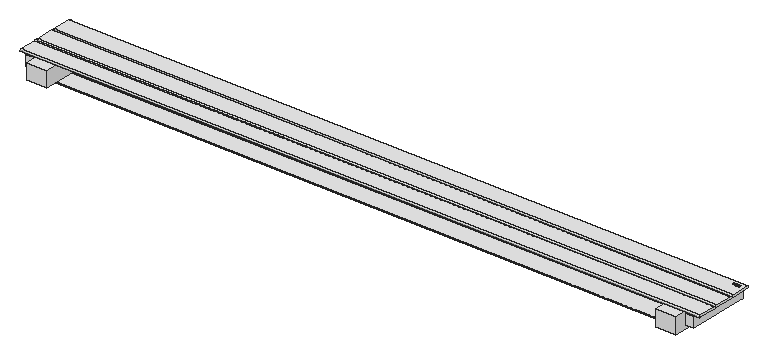
Revit family "Runtal-EB3-120D-120-Volts-96", category Mechanical Equipment, host Face, Revit 2026 (continued)
Definition of nested family "Family Grilles"
  Lines and regions (ft)
    model lines
      curve 202: circle (1.025, 0.077083, 0) r 0.004167 normal (0, 0, 1)
      curve 203: circle (1.025, 0.047917, 0) r 0.004167 normal (0, 0, 1)
      curve 204: circle (1.025, 0.01875, 0) r 0.004167 normal (0, 0, 1)
      curve 205: circle (1.041667, 0.077083, 0) r 0.004167 normal (0, 0, 1)
      curve 206: circle (1.041667, 0.047917, 0) r 0.004167 normal (0, 0, 1)
      curve 207: circle (1.041667, 0.01875, 0) r 0.004167 normal (0, 0, 1)
      curve 208: circle (1.058333, 0.077083, 0) r 0.004167 normal (0, 0, 1)
      curve 209: circle (1.058333, 0.047917, 0) r 0.004167 normal (0, 0, 1)
      curve 210: circle (1.058333, 0.01875, 0) r 0.004167 normal (0, 0, 1)
      curve 211: circle (1.075, 0.077083, 0) r 0.004167 normal (0, 0, 1)
      curve 212: circle (1.075, 0.047917, 0) r 0.004167 normal (0, 0, 1)
      curve 213: circle (1.075, 0.01875, 0) r 0.004167 normal (0, 0, 1)
      curve 214: circle (1.091667, 0.077083, 0) r 0.004167 normal (0, 0, 1)
      curve 215: circle (1.091667, 0.047917, 0) r 0.004167 normal (0, 0, 1)
      curve 216: circle (1.091667, 0.01875, 0) r 0.004167 normal (0, 0, 1)
      curve 217: circle (1.108333, 0.077083, 0) r 0.004167 normal (0, 0, 1)
      curve 218: circle (1.108333, 0.047917, 0) r 0.004167 normal (0, 0, 1)
      curve 219: circle (1.108333, 0.01875, 0) r 0.004167 normal (0, 0, 1)
      curve 220: circle (1.125, 0.077083, 0) r 0.004167 normal (0, 0, 1)
      curve 221: circle (1.125, 0.047917, 0) r 0.004167 normal (0, 0, 1)
      curve 222: circle (1.125, 0.01875, 0) r 0.004167 normal (0, 0, 1)
      curve 223: circle (1.141667, 0.077083, 0) r 0.004167 normal (0, 0, 1)
      curve 224: circle (1.141667, 0.047917, 0) r 0.004167 normal (0, 0, 1)
      curve 225: circle (1.141667, 0.01875, 0) r 0.004167 normal (0, 0, 1)
      curve 226: circle (1.158333, 0.077083, 0) r 0.004167 normal (0, 0, 1)
      curve 227: circle (1.158333, 0.047917, 0) r 0.004167 normal (0, 0, 1)
      curve 228: circle (1.158333, 0.01875, 0) r 0.004167 normal (0, 0, 1)
      curve 229: circle (1.175, 0.077083, 0) r 0.004167 normal (0, 0, 1)
      curve 230: circle (1.175, 0.047917, 0) r 0.004167 normal (0, 0, 1)
      curve 231: circle (1.175, 0.01875, 0) r 0.004167 normal (0, 0, 1)
      curve 232: circle (1.191667, 0.077083, 0) r 0.004167 normal (0, 0, 1)
      curve 233: circle (1.191667, 0.047917, 0) r 0.004167 normal (0, 0, 1)
      curve 234: circle (1.191667, 0.01875, 0) r 0.004167 normal (0, 0, 1)
      curve 235: circle (1.208333, 0.077083, 0) r 0.004167 normal (0, 0, 1)
      curve 236: circle (1.208333, 0.047917, 0) r 0.004167 normal (0, 0, 1)
      curve 237: circle (1.208333, 0.01875, 0) r 0.004167 normal (0, 0, 1)
      curve 238: circle (1.225, 0.077083, 0) r 0.004167 normal (0, 0, 1)
      curve 239: circle (1.225, 0.047917, 0) r 0.004167 normal (0, 0, 1)
      curve 240: circle (1.225, 0.01875, 0) r 0.004167 normal (0, 0, 1)
      curve 241: circle (1.241667, 0.077083, 0) r 0.004167 normal (0, 0, 1)
      curve 242: circle (1.241667, 0.047917, 0) r 0.004167 normal (0, 0, 1)
      curve 243: circle (1.241667, 0.01875, 0) r 0.004167 normal (0, 0, 1)
      curve 244: circle (1.258333, 0.077083, 0) r 0.004167 normal (0, 0, 1)
      curve 245: circle (1.258333, 0.047917, 0) r 0.004167 normal (0, 0, 1)
      curve 246: circle (1.258333, 0.01875, 0) r 0.004167 normal (0, 0, 1)
      curve 247: circle (1.275, 0.077083, 0) r 0.004167 normal (0, 0, 1)
      curve 248: circle (1.275, 0.047917, 0) r 0.004167 normal (0, 0, 1)
      curve 249: circle (1.275, 0.01875, 0) r 0.004167 normal (0, 0, 1)
      curve 250: circle (1.291667, 0.077083, 0) r 0.004167 normal (0, 0, 1)
      curve 251: circle (1.291667, 0.047917, 0) r 0.004167 normal (0, 0, 1)
      curve 252: circle (1.291667, 0.01875, 0) r 0.004167 normal (0, 0, 1)
      curve 253: circle (1.308333, 0.077083, 0) r 0.004167 normal (0, 0, 1)
      curve 254: circle (1.308333, 0.047917, 0) r 0.004167 normal (0, 0, 1)
      curve 255: circle (1.308333, 0.01875, 0) r 0.004167 normal (0, 0, 1)
      curve 256: circle (1.325, 0.077083, 0) r 0.004167 normal (0, 0, 1)
      curve 257: circle (1.325, 0.047917, 0) r 0.004167 normal (0, 0, 1)
      curve 258: circle (1.325, 0.01875, 0) r 0.004167 normal (0, 0, 1)
      curve 259: circle (1.341667, 0.077083, 0) r 0.004167 normal (0, 0, 1)
      curve 260: circle (1.341667, 0.047917, 0) r 0.004167 normal (0, 0, 1)
      curve 261: circle (1.341667, 0.01875, 0) r 0.004167 normal (0, 0, 1)
      curve 262: circle (1.358333, 0.077083, 0) r 0.004167 normal (0, 0, 1)
      curve 263: circle (1.358333, 0.047917, 0) r 0.004167 normal (0, 0, 1)
      curve 264: circle (1.358333, 0.01875, 0) r 0.004167 normal (0, 0, 1)
      curve 265: circle (1.375, 0.077083, 0) r 0.004167 normal (0, 0, 1)
      curve 266: circle (1.375, 0.047917, 0) r 0.004167 normal (0, 0, 1)
      curve 267: circle (1.375, 0.01875, 0) r 0.004167 normal (0, 0, 1)
      curve 268: circle (1.391667, 0.077083, 0) r 0.004167 normal (0, 0, 1)
      curve 269: circle (1.391667, 0.047917, 0) r 0.004167 normal (0, 0, 1)
      curve 270: circle (1.391667, 0.01875, 0) r 0.004167 normal (0, 0, 1)
      curve 271: circle (1.408333, 0.077083, 0) r 0.004167 normal (0, 0, 1)
      curve 272: circle (1.408333, 0.047917, 0) r 0.004167 normal (0, 0, 1)
      curve 273: circle (1.408333, 0.01875, 0) r 0.004167 normal (0, 0, 1)
      curve 274: circle (0.083333, 0.0625, 0) r 0.004167 normal (0, 0, 1)
      curve 275: circle (0.083333, 0.033333, 0) r 0.004167 normal (0, 0, 1)
      curve 276: circle (0.083333, 0.004167, 0) r 0.004167 normal (0, 0, 1)
      curve 277: circle (0.1, 0.0625, 0) r 0.004167 normal (0, 0, 1)
      curve 278: circle (0.1, 0.033333, 0) r 0.004167 normal (0, 0, 1)
      curve 279: circle (0.1, 0.004167, 0) r 0.004167 normal (0, 0, 1)
      curve 280: circle (0.116667, 0.0625, 0) r 0.004167 normal (0, 0, 1)
      curve 281: circle (0.116667, 0.033333, 0) r 0.004167 normal (0, 0, 1)
      curve 282: circle (0.116667, 0.004167, 0) r 0.004167 normal (0, 0, 1)
      curve 283: circle (0.133333, 0.0625, 0) r 0.004167 normal (0, 0, 1)
      curve 284: circle (0.133333, 0.033333, 0) r 0.004167 normal (0, 0, 1)
      curve 285: circle (0.133333, 0.004167, 0) r 0.004167 normal (0, 0, 1)
      curve 286: circle (0.15, 0.0625, 0) r 0.004167 normal (0, 0, 1)
      curve 287: circle (0.15, 0.033333, 0) r 0.004167 normal (0, 0, 1)
      curve 288: circle (0.15, 0.004167, 0) r 0.004167 normal (0, 0, 1)
      curve 289: circle (0.166667, 0.0625, 0) r 0.004167 normal (0, 0, 1)
      curve 290: circle (0.166667, 0.033333, 0) r 0.004167 normal (0, 0, 1)
      curve 291: circle (0.166667, 0.004167, 0) r 0.004167 normal (0, 0, 1)
      curve 292: circle (0.183333, 0.0625, 0) r 0.004167 normal (0, 0, 1)
      curve 293: circle (0.183333, 0.033333, 0) r 0.004167 normal (0, 0, 1)
      curve 294: circle (0.183333, 0.004167, 0) r 0.004167 normal (0, 0, 1)
      curve 295: circle (0.2, 0.0625, 0) r 0.004167 normal (0, 0, 1)
      curve 296: circle (0.2, 0.033333, 0) r 0.004167 normal (0, 0, 1)
      curve 297: circle (0.2, 0.004167, 0) r 0.004167 normal (0, 0, 1)
      curve 298: circle (0.216667, 0.0625, 0) r 0.004167 normal (0, 0, 1)
      curve 299: circle (0.216667, 0.033333, 0) r 0.004167 normal (0, 0, 1)
      curve 300: circle (0.216667, 0.004167, 0) r 0.004167 normal (0, 0, 1)
      curve 301: circle (0.233333, 0.0625, 0) r 0.004167 normal (0, 0, 1)
      curve 302: circle (0.233333, 0.033333, 0) r 0.004167 normal (0, 0, 1)
      curve 303: circle (0.233333, 0.004167, 0) r 0.004167 normal (0, 0, 1)
      curve 304: circle (0.25, 0.0625, 0) r 0.004167 normal (0, 0, 1)
      curve 305: circle (0.25, 0.033333, 0) r 0.004167 normal (0, 0, 1)
      curve 306: circle (0.25, 0.004167, 0) r 0.004167 normal (0, 0, 1)
      curve 307: circle (0.266667, 0.0625, 0) r 0.004167 normal (0, 0, 1)
      curve 308: circle (0.266667, 0.033333, 0) r 0.004167 normal (0, 0, 1)
      curve 309: circle (0.266667, 0.004167, 0) r 0.004167 normal (0, 0, 1)
      curve 310: circle (0.283333, 0.0625, 0) r 0.004167 normal (0, 0, 1)
      curve 311: circle (0.283333, 0.033333, 0) r 0.004167 normal (0, 0, 1)
      curve 312: circle (0.283333, 0.004167, 0) r 0.004167 normal (0, 0, 1)
      curve 313: circle (0.3, 0.0625, 0) r 0.004167 normal (0, 0, 1)
      curve 314: circle (0.3, 0.033333, 0) r 0.004167 normal (0, 0, 1)
      curve 315: circle (0.3, 0.004167, 0) r 0.004167 normal (0, 0, 1)
      curve 316: circle (0.316667, 0.0625, 0) r 0.004167 normal (0, 0, 1)
      curve 317: circle (0.316667, 0.033333, 0) r 0.004167 normal (0, 0, 1)
      curve 318: circle (0.316667, 0.004167, 0) r 0.004167 normal (0, 0, 1)
      curve 319: circle (0.333333, 0.0625, 0) r 0.004167 normal (0, 0, 1)
      curve 320: circle (0.333333, 0.033333, 0) r 0.004167 normal (0, 0, 1)
      curve 321: circle (0.333333, 0.004167, 0) r 0.004167 normal (0, 0, 1)
      curve 322: circle (0.35, 0.0625, 0) r 0.004167 normal (0, 0, 1)
      curve 323: circle (0.35, 0.033333, 0) r 0.004167 normal (0, 0, 1)
      curve 324: circle (0.35, 0.004167, 0) r 0.004167 normal (0, 0, 1)
      curve 325: circle (0.366667, 0.0625, 0) r 0.004167 normal (0, 0, 1)
      curve 326: circle (0.366667, 0.033333, 0) r 0.004167 normal (0, 0, 1)
      curve 327: circle (0.366667, 0.004167, 0) r 0.004167 normal (0, 0, 1)
      curve 328: circle (0.383333, 0.0625, 0) r 0.004167 normal (0, 0, 1)
      curve 329: circle (0.383333, 0.033333, 0) r 0.004167 normal (0, 0, 1)
      curve 330: circle (0.383333, 0.004167, 0) r 0.004167 normal (0, 0, 1)
      curve 331: circle (0.4, 0.0625, 0) r 0.004167 normal (0, 0, 1)
      curve 332: circle (0.4, 0.033333, 0) r 0.004167 normal (0, 0, 1)
      curve 333: circle (0.4, 0.004167, 0) r 0.004167 normal (0, 0, 1)
      curve 334: circle (0.416667, 0.0625, 0) r 0.004167 normal (0, 0, 1)
      curve 335: circle (0.416667, 0.033333, 0) r 0.004167 normal (0, 0, 1)
      curve 336: circle (0.416667, 0.004167, 0) r 0.004167 normal (0, 0, 1)
      curve 337: circle (0.433333, 0.0625, 0) r 0.004167 normal (0, 0, 1)
      curve 338: circle (0.433333, 0.033333, 0) r 0.004167 normal (0, 0, 1)
      curve 339: circle (0.433333, 0.004167, 0) r 0.004167 normal (0, 0, 1)
      curve 340: circle (0.45, 0.0625, 0) r 0.004167 normal (0, 0, 1)
      curve 341: circle (0.45, 0.033333, 0) r 0.004167 normal (0, 0, 1)
      curve 342: circle (0.45, 0.004167, 0) r 0.004167 normal (0, 0, 1)
      curve 343: circle (0.466667, 0.0625, 0) r 0.004167 normal (0, 0, 1)
      curve 344: circle (0.466667, 0.033333, 0) r 0.004167 normal (0, 0, 1)
      curve 345: circle (0.466667, 0.004167, 0) r 0.004167 normal (0, 0, 1)
      curve 346: circle (0.483333, 0.0625, 0) r 0.004167 normal (0, 0, 1)
      curve 347: circle (0.483333, 0.033333, 0) r 0.004167 normal (0, 0, 1)
      curve 348: circle (0.483333, 0.004167, 0) r 0.004167 normal (0, 0, 1)
      curve 349: circle (0.5, 0.0625, 0) r 0.004167 normal (0, 0, 1)
      curve 350: circle (0.5, 0.033333, 0) r 0.004167 normal (0, 0, 1)
      curve 351: circle (0.5, 0.004167, 0) r 0.004167 normal (0, 0, 1)
      curve 352: circle (0.516667, 0.0625, 0) r 0.004167 normal (0, 0, 1)
      curve 353: circle (0.516667, 0.033333, 0) r 0.004167 normal (0, 0, 1)
      curve 354: circle (0.516667, 0.004167, 0) r 0.004167 normal (0, 0, 1)
      curve 355: circle (0.533333, 0.0625, 0) r 0.004167 normal (0, 0, 1)
      curve 356: circle (0.533333, 0.033333, 0) r 0.004167 normal (0, 0, 1)
      curve 357: circle (0.533333, 0.004167, 0) r 0.004167 normal (0, 0, 1)
      curve 358: circle (0.55, 0.0625, 0) r 0.004167 normal (0, 0, 1)
      curve 359: circle (0.55, 0.033333, 0) r 0.004167 normal (0, 0, 1)
      curve 360: circle (0.55, 0.004167, 0) r 0.004167 normal (0, 0, 1)
      curve 361: circle (0.566667, 0.0625, 0) r 0.004167 normal (0, 0, 1)
      curve 362: circle (0.566667, 0.033333, 0) r 0.004167 normal (0, 0, 1)
      curve 363: circle (0.566667, 0.004167, 0) r 0.004167 normal (0, 0, 1)
      curve 364: circle (0.583333, 0.0625, 0) r 0.004167 normal (0, 0, 1)
      curve 365: circle (0.583333, 0.033333, 0) r 0.004167 normal (0, 0, 1)
      curve 366: circle (0.583333, 0.004167, 0) r 0.004167 normal (0, 0, 1)
      curve 367: circle (0.6, 0.0625, 0) r 0.004167 normal (0, 0, 1)
      curve 368: circle (0.6, 0.033333, 0) r 0.004167 normal (0, 0, 1)
      curve 369: circle (0.6, 0.004167, 0) r 0.004167 normal (0, 0, 1)
      curve 370: circle (0.616667, 0.0625, 0) r 0.004167 normal (0, 0, 1)
      curve 371: circle (0.616667, 0.033333, 0) r 0.004167 normal (0, 0, 1)
      curve 372: circle (0.616667, 0.004167, 0) r 0.004167 normal (0, 0, 1)
      curve 373: circle (0.633333, 0.0625, 0) r 0.004167 normal (0, 0, 1)
      curve 374: circle (0.633333, 0.033333, 0) r 0.004167 normal (0, 0, 1)
      curve 375: circle (0.633333, 0.004167, 0) r 0.004167 normal (0, 0, 1)
      curve 376: circle (0.65, 0.0625, 0) r 0.004167 normal (0, 0, 1)
      curve 377: circle (0.65, 0.033333, 0) r 0.004167 normal (0, 0, 1)
      curve 378: circle (0.65, 0.004167, 0) r 0.004167 normal (0, 0, 1)
      curve 379: circle (0.666667, 0.0625, 0) r 0.004167 normal (0, 0, 1)
      curve 380: circle (0.666667, 0.033333, 0) r 0.004167 normal (0, 0, 1)
      curve 381: circle (0.666667, 0.004167, 0) r 0.004167 normal (0, 0, 1)
      curve 382: circle (0.683333, 0.0625, 0) r 0.004167 normal (0, 0, 1)
      curve 383: circle (0.683333, 0.033333, 0) r 0.004167 normal (0, 0, 1)
      curve 384: circle (0.683333, 0.004167, 0) r 0.004167 normal (0, 0, 1)
      curve 385: circle (0.7, 0.0625, 0) r 0.004167 normal (0, 0, 1)
      curve 386: circle (0.7, 0.033333, 0) r 0.004167 normal (0, 0, 1)
      curve 387: circle (0.7, 0.004167, 0) r 0.004167 normal (0, 0, 1)
      curve 388: circle (0.716667, 0.0625, 0) r 0.004167 normal (0, 0, 1)
      curve 389: circle (0.716667, 0.033333, 0) r 0.004167 normal (0, 0, 1)
      curve 390: circle (0.716667, 0.004167, 0) r 0.004167 normal (0, 0, 1)
      curve 391: circle (0.733333, 0.0625, 0) r 0.004167 normal (0, 0, 1)
      curve 392: circle (0.733333, 0.033333, 0) r 0.004167 normal (0, 0, 1)
      curve 393: circle (0.733333, 0.004167, 0) r 0.004167 normal (0, 0, 1)
      curve 394: circle (0.75, 0.0625, 0) r 0.004167 normal (0, 0, 1)
      curve 395: circle (0.75, 0.033333, 0) r 0.004167 normal (0, 0, 1)
      curve 396: circle (0.75, 0.004167, 0) r 0.004167 normal (0, 0, 1)
      curve 397: circle (0.766667, 0.0625, 0) r 0.004167 normal (0, 0, 1)
      curve 398: circle (0.766667, 0.033333, 0) r 0.004167 normal (0, 0, 1)
      curve 399: circle (0.766667, 0.004167, 0) r 0.004167 normal (0, 0, 1)
      curve 400: circle (0.783333, 0.0625, 0) r 0.004167 normal (0, 0, 1)
      curve 401: circle (0.783333, 0.033333, 0) r 0.004167 normal (0, 0, 1)
      curve 402: circle (0.783333, 0.004167, 0) r 0.004167 normal (0, 0, 1)
      curve 403: circle (0.8, 0.0625, 0) r 0.004167 normal (0, 0, 1)
      curve 404: circle (0.8, 0.033333, 0) r 0.004167 normal (0, 0, 1)
      curve 405: circle (0.8, 0.004167, 0) r 0.004167 normal (0, 0, 1)
      curve 406: circle (0.816667, 0.0625, 0) r 0.004167 normal (0, 0, 1)
      curve 407: circle (0.816667, 0.033333, 0) r 0.004167 normal (0, 0, 1)
      curve 408: circle (0.816667, 0.004167, 0) r 0.004167 normal (0, 0, 1)
      curve 409: circle (0.833333, 0.0625, 0) r 0.004167 normal (0, 0, 1)
      curve 410: circle (0.833333, 0.033333, 0) r 0.004167 normal (0, 0, 1)
      curve 411: circle (0.833333, 0.004167, 0) r 0.004167 normal (0, 0, 1)
      curve 412: circle (0.85, 0.0625, 0) r 0.004167 normal (0, 0, 1)
      curve 413: circle (0.85, 0.033333, 0) r 0.004167 normal (0, 0, 1)
      curve 414: circle (0.85, 0.004167, 0) r 0.004167 normal (0, 0, 1)
      curve 415: circle (0.866667, 0.0625, 0) r 0.004167 normal (0, 0, 1)
      curve 416: circle (0.866667, 0.033333, 0) r 0.004167 normal (0, 0, 1)
      curve 417: circle (0.866667, 0.004167, 0) r 0.004167 normal (0, 0, 1)
      curve 418: circle (0.883333, 0.0625, 0) r 0.004167 normal (0, 0, 1)
      curve 419: circle (0.883333, 0.033333, 0) r 0.004167 normal (0, 0, 1)
      curve 420: circle (0.883333, 0.004167, 0) r 0.004167 normal (0, 0, 1)
      curve 421: circle (0.9, 0.0625, 0) r 0.004167 normal (0, 0, 1)
      curve 422: circle (0.9, 0.033333, 0) r 0.004167 normal (0, 0, 1)
      curve 423: circle (0.9, 0.004167, 0) r 0.004167 normal (0, 0, 1)
      curve 424: circle (0.916667, 0.0625, 0) r 0.004167 normal (0, 0, 1)
      curve 425: circle (0.916667, 0.033333, 0) r 0.004167 normal (0, 0, 1)
      curve 426: circle (0.916667, 0.004167, 0) r 0.004167 normal (0, 0, 1)
      curve 427: circle (0.933333, 0.0625, 0) r 0.004167 normal (0, 0, 1)
      curve 428: circle (0.933333, 0.033333, 0) r 0.004167 normal (0, 0, 1)
      curve 429: circle (0.933333, 0.004167, 0) r 0.004167 normal (0, 0, 1)
      curve 430: circle (0.95, 0.0625, 0) r 0.004167 normal (0, 0, 1)
      curve 431: circle (0.95, 0.033333, 0) r 0.004167 normal (0, 0, 1)
      curve 432: circle (0.95, 0.004167, 0) r 0.004167 normal (0, 0, 1)
      curve 433: circle (0.966667, 0.0625, 0) r 0.004167 normal (0, 0, 1)
      curve 434: circle (0.966667, 0.033333, 0) r 0.004167 normal (0, 0, 1)
      curve 435: circle (0.966667, 0.004167, 0) r 0.004167 normal (0, 0, 1)
      curve 436: circle (0.983333, 0.0625, 0) r 0.004167 normal (0, 0, 1)
      curve 437: circle (0.983333, 0.033333, 0) r 0.004167 normal (0, 0, 1)
      curve 438: circle (0.983333, 0.004167, 0) r 0.004167 normal (0, 0, 1)
      curve 439: circle (1, 0.0625, 0) r 0.004167 normal (0, 0, 1)
      curve 440: circle (1, 0.033333, 0) r 0.004167 normal (0, 0, 1)
      curve 441: circle (1, 0.004167, 0) r 0.004167 normal (0, 0, 1)
      curve 442: circle (1.016667, 0.0625, 0) r 0.004167 normal (0, 0, 1)
      curve 443: circle (1.016667, 0.033333, 0) r 0.004167 normal (0, 0, 1)
      curve 444: circle (1.016667, 0.004167, 0) r 0.004167 normal (0, 0, 1)
      curve 445: circle (1.033333, 0.0625, 0) r 0.004167 normal (0, 0, 1)
      curve 446: circle (1.033333, 0.033333, 0) r 0.004167 normal (0, 0, 1)
      curve 447: circle (1.033333, 0.004167, 0) r 0.004167 normal (0, 0, 1)
      curve 448: circle (1.05, 0.0625, 0) r 0.004167 normal (0, 0, 1)
      curve 449: circle (1.05, 0.033333, 0) r 0.004167 normal (0, 0, 1)
      curve 450: circle (1.05, 0.004167, 0) r 0.004167 normal (0, 0, 1)
      curve 451: circle (1.066667, 0.0625, 0) r 0.004167 normal (0, 0, 1)
      curve 452: circle (1.066667, 0.033333, 0) r 0.004167 normal (0, 0, 1)
      curve 453: circle (1.066667, 0.004167, 0) r 0.004167 normal (0, 0, 1)
      curve 454: circle (1.083333, 0.0625, 0) r 0.004167 normal (0, 0, 1)
      curve 455: circle (1.083333, 0.033333, 0) r 0.004167 normal (0, 0, 1)
      curve 456: circle (1.083333, 0.004167, 0) r 0.004167 normal (0, 0, 1)
      curve 457: circle (1.1, 0.0625, 0) r 0.004167 normal (0, 0, 1)
      curve 458: circle (1.1, 0.033333, 0) r 0.004167 normal (0, 0, 1)
      curve 459: circle (1.1, 0.004167, 0) r 0.004167 normal (0, 0, 1)
      curve 460: circle (1.116667, 0.0625, 0) r 0.004167 normal (0, 0, 1)
      curve 461: circle (1.116667, 0.033333, 0) r 0.004167 normal (0, 0, 1)
      curve 462: circle (1.116667, 0.004167, 0) r 0.004167 normal (0, 0, 1)
      curve 463: circle (1.133333, 0.0625, 0) r 0.004167 normal (0, 0, 1)
      curve 464: circle (1.133333, 0.033333, 0) r 0.004167 normal (0, 0, 1)
      curve 465: circle (1.133333, 0.004167, 0) r 0.004167 normal (0, 0, 1)
      curve 466: circle (1.15, 0.0625, 0) r 0.004167 normal (0, 0, 1)
      curve 467: circle (1.15, 0.033333, 0) r 0.004167 normal (0, 0, 1)
      curve 468: circle (1.15, 0.004167, 0) r 0.004167 normal (0, 0, 1)
      curve 469: circle (1.166667, 0.0625, 0) r 0.004167 normal (0, 0, 1)
      curve 470: circle (1.166667, 0.033333, 0) r 0.004167 normal (0, 0, 1)
      curve 471: circle (1.166667, 0.004167, 0) r 0.004167 normal (0, 0, 1)
      curve 472: circle (1.183333, 0.0625, 0) r 0.004167 normal (0, 0, 1)
      curve 473: circle (1.183333, 0.033333, 0) r 0.004167 normal (0, 0, 1)
      curve 474: circle (1.183333, 0.004167, 0) r 0.004167 normal (0, 0, 1)
      curve 475: circle (1.2, 0.0625, 0) r 0.004167 normal (0, 0, 1)
      curve 476: circle (1.2, 0.033333, 0) r 0.004167 normal (0, 0, 1)
      curve 477: circle (1.2, 0.004167, 0) r 0.004167 normal (0, 0, 1)
      curve 478: circle (1.216667, 0.0625, 0) r 0.004167 normal (0, 0, 1)
      curve 479: circle (1.216667, 0.033333, 0) r 0.004167 normal (0, 0, 1)
      curve 480: circle (1.216667, 0.004167, 0) r 0.004167 normal (0, 0, 1)
      curve 481: circle (1.233333, 0.0625, 0) r 0.004167 normal (0, 0, 1)
      curve 482: circle (1.233333, 0.033333, 0) r 0.004167 normal (0, 0, 1)
      curve 483: circle (1.233333, 0.004167, 0) r 0.004167 normal (0, 0, 1)
      curve 484: circle (1.25, 0.0625, 0) r 0.004167 normal (0, 0, 1)
      curve 485: circle (1.25, 0.033333, 0) r 0.004167 normal (0, 0, 1)
      curve 486: circle (1.25, 0.004167, 0) r 0.004167 normal (0, 0, 1)
      curve 487: circle (1.266667, 0.0625, 0) r 0.004167 normal (0, 0, 1)
      curve 488: circle (1.266667, 0.033333, 0) r 0.004167 normal (0, 0, 1)
      curve 489: circle (1.266667, 0.004167, 0) r 0.004167 normal (0, 0, 1)
      curve 490: circle (1.283333, 0.0625, 0) r 0.004167 normal (0, 0, 1)
      curve 491: circle (1.283333, 0.033333, 0) r 0.004167 normal (0, 0, 1)
      curve 492: circle (1.283333, 0.004167, 0) r 0.004167 normal (0, 0, 1)
      curve 493: circle (1.3, 0.0625, 0) r 0.004167 normal (0, 0, 1)
      curve 494: circle (1.3, 0.033333, 0) r 0.004167 normal (0, 0, 1)
      curve 495: circle (1.3, 0.004167, 0) r 0.004167 normal (0, 0, 1)
      curve 496: circle (1.316667, 0.0625, 0) r 0.004167 normal (0, 0, 1)
      curve 497: circle (1.316667, 0.033333, 0) r 0.004167 normal (0, 0, 1)
      curve 498: circle (1.316667, 0.004167, 0) r 0.004167 normal (0, 0, 1)
      curve 499: circle (1.333333, 0.0625, 0) r 0.004167 normal (0, 0, 1)
      curve 500: circle (1.333333, 0.033333, 0) r 0.004167 normal (0, 0, 1)
      curve 501: circle (1.333333, 0.004167, 0) r 0.004167 normal (0, 0, 1)
      curve 502: circle (1.35, 0.0625, 0) r 0.004167 normal (0, 0, 1)
      curve 503: circle (1.35, 0.033333, 0) r 0.004167 normal (0, 0, 1)
      curve 504: circle (1.35, 0.004167, 0) r 0.004167 normal (0, 0, 1)
      curve 505: circle (1.366667, 0.0625, 0) r 0.004167 normal (0, 0, 1)
      curve 506: circle (1.366667, 0.033333, 0) r 0.004167 normal (0, 0, 1)
      curve 507: circle (1.366667, 0.004167, 0) r 0.004167 normal (0, 0, 1)
      curve 508: circle (1.383333, 0.0625, 0) r 0.004167 normal (0, 0, 1)
      curve 509: circle (1.383333, 0.033333, 0) r 0.004167 normal (0, 0, 1)
      curve 510: circle (1.383333, 0.004167, 0) r 0.004167 normal (0, 0, 1)
      curve 511: circle (1.4, 0.0625, 0) r 0.004167 normal (0, 0, 1)
      curve 512: circle (1.4, 0.033333, 0) r 0.004167 normal (0, 0, 1)
      curve 513: circle (1.4, 0.004167, 0) r 0.004167 normal (0, 0, 1)
    model lines, not visible
      curve 7: circle (0.008333, 0.077083, 0) r 0.004167 normal (0, 0, 1)
      curve 8: circle (0.008333, 0.047917, 0) r 0.004167 normal (0, 0, 1)
      curve 9: circle (0.008333, 0.01875, 0) r 0.004167 normal (0, 0, 1)
      curve 10: circle (0.016667, 0.0625, 0) r 0.004167 normal (0, 0, 1)
      curve 11: circle (0.016667, 0.033333, 0) r 0.004167 normal (0, 0, 1)
      curve 12: circle (0.016667, 0.004167, 0) r 0.004167 normal (0, 0, 1)
    model lines, detail levels fine
      curve 514: line (0.008333, 0.08125, 0) -> (0, 0.08125, 0)
  Dimensions and locks (ft)
    "finLength": plane 3 "Center (Left/Right)" to plane 4
    equal spacing: group 1, group 5, group 9, group 10, group 11, group 12, group 13, group 14, group 15, group 16, group 17, group 18, group 19, group 20, group 21, group 22, group 23, group 24, group 25, group 26, group 27, group 28, group 29, group 30, group 31, group 32, group 33, group 34, group 35, group 36, group 37, group 38, group 39, group 40, group 41, group 42, group 43, group 44, group 45, group 46, group 47, group 48, group 49, group 50, group 51, group 52, group 53, group 54, group 55, group 56, group 57, group 58, group 59, group 60, group 61, group 62, group 63, group 64, group 65, group 66, group 67, group 68, group 69, group 70, group 71, group 72, group 73, group 74, group 75, group 76, group 77, group 78, group 79, group 80, group 81, group 82, group 83, group 84, group 85, group 86, group 87, group 88, group 89, group 90, group 91  (x3)
    equal spacing: group 3, group 6, group 7, group 8, group 92, group 93, group 94, group 95, group 96, group 97, group 98, group 99, group 100, group 101, group 102, group 103, group 104, group 105, group 106, group 107, group 108, group 109, group 110, group 111, group 112, group 113, group 114, group 115, group 116, group 117, group 118, group 119, group 120, group 121, group 122, group 123, group 124, group 125, group 126, group 127, group 128, group 129, group 130, group 131, group 132, group 133, group 134, group 135, group 136, group 137, group 138, group 139, group 140, group 141, group 142, group 143, group 144, group 145, group 146, group 147, group 148, group 149, group 150, group 151, group 152, group 153, group 154, group 155, group 156, group 157, group 158, group 159, group 160, group 161, group 162, group 163, group 164, group 165, group 166, group 167, group 168, group 169, group 170, group 171  (x3)
    aligned and locked: plane 2 to Extrusion 1
    aligned and locked: level to Extrusion 1
  Automatic sketch dimensions
    Extrusion 1 sketch curve to Extrusion 1 sketch curve = 8.000 ft  (x2)
    curve 1 to curve 2 = 0.000 ft
    curve 2 to curve 1 = 0.029167 ft
    curve 3 to curve 2 = 0.000 ft
    curve 3 to curve 2 = 0.029167 ft
    curve 7 to curve 8 = 0.000 ft
    curve 8 to curve 7 = 0.029167 ft
    curve 9 to curve 8 = 0.000 ft
    curve 9 to curve 8 = 0.029167 ft
    curve 4 to curve 5 = 0.000 ft
    curve 5 to curve 4 = 0.029167 ft
    curve 6 to curve 5 = 0.000 ft
    curve 6 to curve 5 = 0.029167 ft
    curve 10 to curve 11 = 0.000 ft
    curve 11 to curve 10 = 0.029167 ft
    curve 12 to curve 11 = 0.000 ft
    curve 12 to curve 11 = 0.029167 ft
    curve 13 to curve 14 = 0.000 ft
    curve 14 to curve 13 = 0.029167 ft
    curve 15 to curve 14 = 0.000 ft
    curve 15 to curve 14 = 0.029167 ft
    curve 16 to curve 17 = 0.000 ft
    curve 17 to curve 16 = 0.029167 ft
    curve 18 to curve 17 = 0.000 ft
    curve 18 to curve 17 = 0.029167 ft
    curve 19 to curve 20 = 0.000 ft
    curve 20 to curve 19 = 0.029167 ft
    curve 21 to curve 20 = 0.000 ft
    curve 21 to curve 20 = 0.029167 ft
    curve 22 to curve 23 = 0.000 ft
    curve 23 to curve 22 = 0.029167 ft
    curve 24 to curve 23 = 0.000 ft
    curve 24 to curve 23 = 0.029167 ft
    curve 25 to curve 26 = 0.000 ft
    curve 26 to curve 25 = 0.029167 ft
    curve 27 to curve 26 = 0.000 ft
    curve 27 to curve 26 = 0.029167 ft
    curve 28 to curve 29 = 0.000 ft
    curve 29 to curve 28 = 0.029167 ft
    curve 30 to curve 29 = 0.000 ft
    curve 30 to curve 29 = 0.029167 ft
    curve 31 to curve 32 = 0.000 ft
    curve 32 to curve 31 = 0.029167 ft
    curve 33 to curve 32 = 0.000 ft
    curve 33 to curve 32 = 0.029167 ft
    curve 34 to curve 35 = 0.000 ft
    curve 35 to curve 34 = 0.029167 ft
    curve 36 to curve 35 = 0.000 ft
    curve 36 to curve 35 = 0.029167 ft
    curve 37 to curve 38 = 0.000 ft
    curve 38 to curve 37 = 0.029167 ft
    curve 39 to curve 38 = 0.000 ft
    curve 39 to curve 38 = 0.029167 ft
    curve 40 to curve 41 = 0.000 ft
    curve 41 to curve 40 = 0.029167 ft
    curve 42 to curve 41 = 0.000 ft
    curve 42 to curve 41 = 0.029167 ft
    curve 43 to curve 44 = 0.000 ft
    curve 44 to curve 43 = 0.029167 ft
    curve 45 to curve 44 = 0.000 ft
    curve 45 to curve 44 = 0.029167 ft
    curve 46 to curve 47 = 0.000 ft
    curve 47 to curve 46 = 0.029167 ft
    curve 48 to curve 47 = 0.000 ft
    curve 48 to curve 47 = 0.029167 ft
    curve 49 to curve 50 = 0.000 ft
    curve 50 to curve 49 = 0.029167 ft
    curve 51 to curve 50 = 0.000 ft
    curve 51 to curve 50 = 0.029167 ft
    curve 52 to curve 53 = 0.000 ft
    curve 53 to curve 52 = 0.029167 ft
    curve 54 to curve 53 = 0.000 ft
    curve 54 to curve 53 = 0.029167 ft
    curve 55 to curve 56 = 0.000 ft
    curve 56 to curve 55 = 0.029167 ft
    curve 57 to curve 56 = 0.000 ft
    curve 57 to curve 56 = 0.029167 ft
    curve 58 to curve 59 = 0.000 ft
    curve 59 to curve 58 = 0.029167 ft
    curve 60 to curve 59 = 0.000 ft
    curve 60 to curve 59 = 0.029167 ft
    curve 61 to curve 62 = 0.000 ft
    curve 62 to curve 61 = 0.029167 ft
    curve 63 to curve 62 = 0.000 ft
    curve 63 to curve 62 = 0.029167 ft
    curve 64 to curve 65 = 0.000 ft
    curve 65 to curve 64 = 0.029167 ft
    curve 66 to curve 65 = 0.000 ft
    curve 66 to curve 65 = 0.029167 ft
    curve 67 to curve 68 = 0.000 ft
    curve 68 to curve 67 = 0.029167 ft
    curve 69 to curve 68 = 0.000 ft
    curve 69 to curve 68 = 0.029167 ft
    curve 70 to curve 71 = 0.000 ft
    curve 71 to curve 70 = 0.029167 ft
    curve 72 to curve 71 = 0.000 ft
    curve 72 to curve 71 = 0.029167 ft
    curve 73 to curve 74 = 0.000 ft
    curve 74 to curve 73 = 0.029167 ft
    curve 75 to curve 74 = 0.000 ft
    curve 75 to curve 74 = 0.029167 ft
    curve 76 to curve 77 = 0.000 ft
    curve 77 to curve 76 = 0.029167 ft
    curve 78 to curve 77 = 0.000 ft
    curve 78 to curve 77 = 0.029167 ft
    curve 79 to curve 80 = 0.000 ft
    curve 80 to curve 79 = 0.029167 ft
    curve 81 to curve 80 = 0.000 ft
    curve 81 to curve 80 = 0.029167 ft
    curve 82 to curve 83 = 0.000 ft
    curve 83 to curve 82 = 0.029167 ft
    curve 84 to curve 83 = 0.000 ft
    curve 84 to curve 83 = 0.029167 ft
    curve 85 to curve 86 = 0.000 ft
    curve 86 to curve 85 = 0.029167 ft
    curve 87 to curve 86 = 0.000 ft
    curve 87 to curve 86 = 0.029167 ft
    curve 88 to curve 89 = 0.000 ft
    curve 89 to curve 88 = 0.029167 ft
    curve 90 to curve 89 = 0.000 ft
    curve 90 to curve 89 = 0.029167 ft
    curve 91 to curve 92 = 0.000 ft
    curve 92 to curve 91 = 0.029167 ft
    curve 93 to curve 92 = 0.000 ft
    curve 93 to curve 92 = 0.029167 ft
    curve 94 to curve 95 = 0.000 ft
    curve 95 to curve 94 = 0.029167 ft
    curve 96 to curve 95 = 0.000 ft
    curve 96 to curve 95 = 0.029167 ft
    curve 97 to curve 98 = 0.000 ft
    curve 98 to curve 97 = 0.029167 ft
    curve 99 to curve 98 = 0.000 ft
    curve 99 to curve 98 = 0.029167 ft
    curve 100 to curve 101 = 0.000 ft
    curve 101 to curve 100 = 0.029167 ft
    curve 102 to curve 101 = 0.000 ft
    curve 102 to curve 101 = 0.029167 ft
    curve 103 to curve 104 = 0.000 ft
    curve 104 to curve 103 = 0.029167 ft
    curve 105 to curve 104 = 0.000 ft
    curve 105 to curve 104 = 0.029167 ft
    curve 106 to curve 107 = 0.000 ft
    curve 107 to curve 106 = 0.029167 ft
    curve 108 to curve 107 = 0.000 ft
    curve 108 to curve 107 = 0.029167 ft
    curve 109 to curve 110 = 0.000 ft
    curve 110 to curve 109 = 0.029167 ft
    curve 111 to curve 110 = 0.000 ft
    curve 111 to curve 110 = 0.029167 ft
    curve 112 to curve 113 = 0.000 ft
    curve 113 to curve 112 = 0.029167 ft
    curve 114 to curve 113 = 0.000 ft
    curve 114 to curve 113 = 0.029167 ft
    curve 115 to curve 116 = 0.000 ft
    curve 116 to curve 115 = 0.029167 ft
    curve 117 to curve 116 = 0.000 ft
    curve 117 to curve 116 = 0.029167 ft
    curve 118 to curve 119 = 0.000 ft
    curve 119 to curve 118 = 0.029167 ft
    curve 120 to curve 119 = 0.000 ft
    curve 120 to curve 119 = 0.029167 ft
    curve 121 to curve 122 = 0.000 ft
    curve 122 to curve 121 = 0.029167 ft
    curve 123 to curve 122 = 0.000 ft
    curve 123 to curve 122 = 0.029167 ft
    curve 124 to curve 125 = 0.000 ft
    curve 125 to curve 124 = 0.029167 ft
    curve 126 to curve 125 = 0.000 ft
    curve 126 to curve 125 = 0.029167 ft
    curve 127 to curve 128 = 0.000 ft
    curve 128 to curve 127 = 0.029167 ft
    curve 129 to curve 128 = 0.000 ft
    curve 129 to curve 128 = 0.029167 ft
    curve 130 to curve 131 = 0.000 ft
    curve 131 to curve 130 = 0.029167 ft
    curve 132 to curve 131 = 0.000 ft
    curve 132 to curve 131 = 0.029167 ft
    curve 133 to curve 134 = 0.000 ft
    curve 134 to curve 133 = 0.029167 ft
    curve 135 to curve 134 = 0.000 ft
    curve 135 to curve 134 = 0.029167 ft
    curve 136 to curve 137 = 0.000 ft
    curve 137 to curve 136 = 0.029167 ft
    curve 138 to curve 137 = 0.000 ft
    curve 138 to curve 137 = 0.029167 ft
    curve 139 to curve 140 = 0.000 ft
    curve 140 to curve 139 = 0.029167 ft
    curve 141 to curve 140 = 0.000 ft
    curve 141 to curve 140 = 0.029167 ft
    curve 142 to curve 143 = 0.000 ft
    curve 143 to curve 142 = 0.029167 ft
    curve 144 to curve 143 = 0.000 ft
    curve 144 to curve 143 = 0.029167 ft
    curve 145 to curve 146 = 0.000 ft
    curve 146 to curve 145 = 0.029167 ft
    curve 147 to curve 146 = 0.000 ft
    curve 147 to curve 146 = 0.029167 ft
    curve 148 to curve 149 = 0.000 ft
    curve 149 to curve 148 = 0.029167 ft
    curve 150 to curve 149 = 0.000 ft
    curve 150 to curve 149 = 0.029167 ft
    curve 151 to curve 152 = 0.000 ft
    curve 152 to curve 151 = 0.029167 ft
    curve 153 to curve 152 = 0.000 ft
    curve 153 to curve 152 = 0.029167 ft
    curve 154 to curve 155 = 0.000 ft
    curve 155 to curve 154 = 0.029167 ft
    curve 156 to curve 155 = 0.000 ft
    curve 156 to curve 155 = 0.029167 ft
    curve 157 to curve 158 = 0.000 ft
    curve 158 to curve 157 = 0.029167 ft
    curve 159 to curve 158 = 0.000 ft
    curve 159 to curve 158 = 0.029167 ft
    curve 160 to curve 161 = 0.000 ft
    curve 161 to curve 160 = 0.029167 ft
    curve 162 to curve 161 = 0.000 ft
    curve 162 to curve 161 = 0.029167 ft
    curve 163 to curve 164 = 0.000 ft
    curve 164 to curve 163 = 0.029167 ft
    curve 165 to curve 164 = 0.000 ft
    curve 165 to curve 164 = 0.029167 ft
    curve 166 to curve 167 = 0.000 ft
    curve 167 to curve 166 = 0.029167 ft
    curve 168 to curve 167 = 0.000 ft
    curve 168 to curve 167 = 0.029167 ft
    curve 169 to curve 170 = 0.000 ft
    curve 170 to curve 169 = 0.029167 ft
    curve 171 to curve 170 = 0.000 ft
    curve 171 to curve 170 = 0.029167 ft
    curve 172 to curve 173 = 0.000 ft
    curve 173 to curve 172 = 0.029167 ft
    curve 174 to curve 173 = 0.000 ft
    curve 174 to curve 173 = 0.029167 ft
    curve 175 to curve 176 = 0.000 ft
    curve 176 to curve 175 = 0.029167 ft
    curve 177 to curve 176 = 0.000 ft
    curve 177 to curve 176 = 0.029167 ft
    curve 178 to curve 179 = 0.000 ft
    curve 179 to curve 178 = 0.029167 ft
    curve 180 to curve 179 = 0.000 ft
    curve 180 to curve 179 = 0.029167 ft
    curve 181 to curve 182 = 0.000 ft
    curve 182 to curve 181 = 0.029167 ft
    curve 183 to curve 182 = 0.000 ft
    curve 183 to curve 182 = 0.029167 ft
    curve 184 to curve 185 = 0.000 ft
    curve 185 to curve 184 = 0.029167 ft
    curve 186 to curve 185 = 0.000 ft
    curve 186 to curve 185 = 0.029167 ft
    curve 187 to curve 188 = 0.000 ft
    curve 188 to curve 187 = 0.029167 ft
    curve 189 to curve 188 = 0.000 ft
    curve 189 to curve 188 = 0.029167 ft
    curve 190 to curve 191 = 0.000 ft
    curve 191 to curve 190 = 0.029167 ft
    curve 192 to curve 191 = 0.000 ft
    curve 192 to curve 191 = 0.029167 ft
    curve 193 to curve 194 = 0.000 ft
    curve 194 to curve 193 = 0.029167 ft
    curve 195 to curve 194 = 0.000 ft
    curve 195 to curve 194 = 0.029167 ft
    curve 196 to curve 197 = 0.000 ft
    curve 197 to curve 196 = 0.029167 ft
    curve 198 to curve 197 = 0.000 ft
    curve 198 to curve 197 = 0.029167 ft
    curve 199 to curve 200 = 0.000 ft
    curve 200 to curve 199 = 0.029167 ft
    curve 201 to curve 200 = 0.000 ft
    curve 201 to curve 200 = 0.029167 ft
    curve 202 to curve 203 = 0.000 ft
    curve 203 to curve 202 = 0.029167 ft
    curve 204 to curve 203 = 0.000 ft
    curve 204 to curve 203 = 0.029167 ft
    curve 205 to curve 206 = 0.000 ft
    curve 206 to curve 205 = 0.029167 ft
    curve 207 to curve 206 = 0.000 ft
    curve 207 to curve 206 = 0.029167 ft
    curve 208 to curve 209 = 0.000 ft
    curve 209 to curve 208 = 0.029167 ft
    curve 210 to curve 209 = 0.000 ft
    curve 210 to curve 209 = 0.029167 ft
    curve 211 to curve 212 = 0.000 ft
    curve 212 to curve 211 = 0.029167 ft
    curve 213 to curve 212 = 0.000 ft
    curve 213 to curve 212 = 0.029167 ft
    curve 214 to curve 215 = 0.000 ft
    curve 215 to curve 214 = 0.029167 ft
    curve 216 to curve 215 = 0.000 ft
    curve 216 to curve 215 = 0.029167 ft
    curve 217 to curve 218 = 0.000 ft
    curve 218 to curve 217 = 0.029167 ft
    curve 219 to curve 218 = 0.000 ft
    curve 219 to curve 218 = 0.029167 ft
    curve 220 to curve 221 = 0.000 ft
    curve 221 to curve 220 = 0.029167 ft
    curve 222 to curve 221 = 0.000 ft
    curve 222 to curve 221 = 0.029167 ft
    curve 223 to curve 224 = 0.000 ft
    curve 224 to curve 223 = 0.029167 ft
    curve 225 to curve 224 = 0.000 ft
    curve 225 to curve 224 = 0.029167 ft
    curve 226 to curve 227 = 0.000 ft
    curve 227 to curve 226 = 0.029167 ft
    curve 228 to curve 227 = 0.000 ft
    curve 228 to curve 227 = 0.029167 ft
    curve 229 to curve 230 = 0.000 ft
    curve 230 to curve 229 = 0.029167 ft
    curve 231 to curve 230 = 0.000 ft
    curve 231 to curve 230 = 0.029167 ft
    curve 232 to curve 233 = 0.000 ft
    curve 233 to curve 232 = 0.029167 ft
    curve 234 to curve 233 = 0.000 ft
    curve 234 to curve 233 = 0.029167 ft
    curve 235 to curve 236 = 0.000 ft
    curve 236 to curve 235 = 0.029167 ft
    curve 237 to curve 236 = 0.000 ft
    curve 237 to curve 236 = 0.029167 ft
    curve 238 to curve 239 = 0.000 ft
    curve 239 to curve 238 = 0.029167 ft
    curve 240 to curve 239 = 0.000 ft
    curve 240 to curve 239 = 0.029167 ft
    curve 241 to curve 242 = 0.000 ft
    curve 242 to curve 241 = 0.029167 ft
    curve 243 to curve 242 = 0.000 ft
    curve 243 to curve 242 = 0.029167 ft
    curve 244 to curve 245 = 0.000 ft
    curve 245 to curve 244 = 0.029167 ft
    curve 246 to curve 245 = 0.000 ft
    curve 246 to curve 245 = 0.029167 ft
    curve 247 to curve 248 = 0.000 ft
    curve 248 to curve 247 = 0.029167 ft
    curve 249 to curve 248 = 0.000 ft
    curve 249 to curve 248 = 0.029167 ft
    curve 250 to curve 251 = 0.000 ft
    curve 251 to curve 250 = 0.029167 ft
    curve 252 to curve 251 = 0.000 ft
    curve 252 to curve 251 = 0.029167 ft
    curve 253 to curve 254 = 0.000 ft
    curve 254 to curve 253 = 0.029167 ft
    curve 255 to curve 254 = 0.000 ft
    curve 255 to curve 254 = 0.029167 ft
    curve 256 to curve 257 = 0.000 ft
    curve 257 to curve 256 = 0.029167 ft
    curve 258 to curve 257 = 0.000 ft
    curve 258 to curve 257 = 0.029167 ft
    curve 259 to curve 260 = 0.000 ft
    curve 260 to curve 259 = 0.029167 ft
    curve 261 to curve 260 = 0.000 ft
    curve 261 to curve 260 = 0.029167 ft
    curve 262 to curve 263 = 0.000 ft
    curve 263 to curve 262 = 0.029167 ft
    curve 264 to curve 263 = 0.000 ft
    curve 264 to curve 263 = 0.029167 ft
    curve 265 to curve 266 = 0.000 ft
    curve 266 to curve 265 = 0.029167 ft
    curve 267 to curve 266 = 0.000 ft
    curve 267 to curve 266 = 0.029167 ft
    curve 268 to curve 269 = 0.000 ft
    curve 269 to curve 268 = 0.029167 ft
    curve 270 to curve 269 = 0.000 ft
    curve 270 to curve 269 = 0.029167 ft
    curve 271 to curve 272 = 0.000 ft
    curve 272 to curve 271 = 0.029167 ft
    curve 273 to curve 272 = 0.000 ft
    curve 273 to curve 272 = 0.029167 ft
    curve 274 to curve 275 = 0.000 ft
    curve 275 to curve 274 = 0.029167 ft
    curve 276 to curve 275 = 0.000 ft
    curve 276 to curve 275 = 0.029167 ft
    curve 277 to curve 278 = 0.000 ft
    curve 278 to curve 277 = 0.029167 ft
    curve 279 to curve 278 = 0.000 ft
    curve 279 to curve 278 = 0.029167 ft
    curve 280 to curve 281 = 0.000 ft
    curve 281 to curve 280 = 0.029167 ft
    curve 282 to curve 281 = 0.000 ft
    curve 282 to curve 281 = 0.029167 ft
    curve 283 to curve 284 = 0.000 ft
    curve 284 to curve 283 = 0.029167 ft
    curve 285 to curve 284 = 0.000 ft
    curve 285 to curve 284 = 0.029167 ft
    curve 286 to curve 287 = 0.000 ft
    curve 287 to curve 286 = 0.029167 ft
    curve 288 to curve 287 = 0.000 ft
    curve 288 to curve 287 = 0.029167 ft
    curve 289 to curve 290 = 0.000 ft
    curve 290 to curve 289 = 0.029167 ft
    curve 291 to curve 290 = 0.000 ft
    curve 291 to curve 290 = 0.029167 ft
    curve 292 to curve 293 = 0.000 ft
    curve 293 to curve 292 = 0.029167 ft
    curve 294 to curve 293 = 0.000 ft
    curve 294 to curve 293 = 0.029167 ft
    curve 295 to curve 296 = 0.000 ft
    curve 296 to curve 295 = 0.029167 ft
    curve 297 to curve 296 = 0.000 ft
    curve 297 to curve 296 = 0.029167 ft
    curve 298 to curve 299 = 0.000 ft
    curve 299 to curve 298 = 0.029167 ft
    curve 300 to curve 299 = 0.000 ft
    curve 300 to curve 299 = 0.029167 ft
    curve 301 to curve 302 = 0.000 ft
    curve 302 to curve 301 = 0.029167 ft
    curve 303 to curve 302 = 0.000 ft
    curve 303 to curve 302 = 0.029167 ft
    curve 304 to curve 305 = 0.000 ft
    curve 305 to curve 304 = 0.029167 ft
    curve 306 to curve 305 = 0.000 ft
    curve 306 to curve 305 = 0.029167 ft
    curve 307 to curve 308 = 0.000 ft
    curve 308 to curve 307 = 0.029167 ft
    curve 309 to curve 308 = 0.000 ft
    curve 309 to curve 308 = 0.029167 ft
    curve 310 to curve 311 = 0.000 ft
    curve 311 to curve 310 = 0.029167 ft
    curve 312 to curve 311 = 0.000 ft
    curve 312 to curve 311 = 0.029167 ft
    curve 313 to curve 314 = 0.000 ft
    curve 314 to curve 313 = 0.029167 ft
    curve 315 to curve 314 = 0.000 ft
    curve 315 to curve 314 = 0.029167 ft
    curve 316 to curve 317 = 0.000 ft
    curve 317 to curve 316 = 0.029167 ft
    curve 318 to curve 317 = 0.000 ft
    curve 318 to curve 317 = 0.029167 ft
    curve 319 to curve 320 = 0.000 ft
    curve 320 to curve 319 = 0.029167 ft
    curve 321 to curve 320 = 0.000 ft
    curve 321 to curve 320 = 0.029167 ft
    curve 322 to curve 323 = 0.000 ft
    curve 323 to curve 322 = 0.029167 ft
    curve 324 to curve 323 = 0.000 ft
    curve 324 to curve 323 = 0.029167 ft
    curve 325 to curve 326 = 0.000 ft
    curve 326 to curve 325 = 0.029167 ft
    curve 327 to curve 326 = 0.000 ft
    curve 327 to curve 326 = 0.029167 ft
    curve 328 to curve 329 = 0.000 ft
    curve 329 to curve 328 = 0.029167 ft
    curve 330 to curve 329 = 0.000 ft
    curve 330 to curve 329 = 0.029167 ft
    curve 331 to curve 332 = 0.000 ft
    curve 332 to curve 331 = 0.029167 ft
    curve 333 to curve 332 = 0.000 ft
    curve 333 to curve 332 = 0.029167 ft
    curve 334 to curve 335 = 0.000 ft
    curve 335 to curve 334 = 0.029167 ft
    curve 336 to curve 335 = 0.000 ft
    curve 336 to curve 335 = 0.029167 ft
    curve 337 to curve 338 = 0.000 ft
    curve 338 to curve 337 = 0.029167 ft
    curve 339 to curve 338 = 0.000 ft
    curve 339 to curve 338 = 0.029167 ft
    curve 340 to curve 341 = 0.000 ft
    curve 341 to curve 340 = 0.029167 ft
    curve 342 to curve 341 = 0.000 ft
    curve 342 to curve 341 = 0.029167 ft
    curve 343 to curve 344 = 0.000 ft
    curve 344 to curve 343 = 0.029167 ft
    curve 345 to curve 344 = 0.000 ft
    curve 345 to curve 344 = 0.029167 ft
    curve 346 to curve 347 = 0.000 ft
    curve 347 to curve 346 = 0.029167 ft
    curve 348 to curve 347 = 0.000 ft
    curve 348 to curve 347 = 0.029167 ft
    curve 349 to curve 350 = 0.000 ft
    curve 350 to curve 349 = 0.029167 ft
    curve 351 to curve 350 = 0.000 ft
    curve 351 to curve 350 = 0.029167 ft
    curve 352 to curve 353 = 0.000 ft
    curve 353 to curve 352 = 0.029167 ft
    curve 354 to curve 353 = 0.000 ft
    curve 354 to curve 353 = 0.029167 ft
    curve 355 to curve 356 = 0.000 ft
    curve 356 to curve 355 = 0.029167 ft
    curve 357 to curve 356 = 0.000 ft
    curve 357 to curve 356 = 0.029167 ft
    curve 358 to curve 359 = 0.000 ft
    curve 359 to curve 358 = 0.029167 ft
    curve 360 to curve 359 = 0.000 ft
    curve 360 to curve 359 = 0.029167 ft
    curve 361 to curve 362 = 0.000 ft
    curve 362 to curve 361 = 0.029167 ft
    curve 363 to curve 362 = 0.000 ft
    curve 363 to curve 362 = 0.029167 ft
    curve 364 to curve 365 = 0.000 ft
    curve 365 to curve 364 = 0.029167 ft
    curve 366 to curve 365 = 0.000 ft
    curve 366 to curve 365 = 0.029167 ft
    curve 367 to curve 368 = 0.000 ft
    curve 368 to curve 367 = 0.029167 ft
    curve 369 to curve 368 = 0.000 ft
    curve 369 to curve 368 = 0.029167 ft
    curve 370 to curve 371 = 0.000 ft
    curve 371 to curve 370 = 0.029167 ft
    curve 372 to curve 371 = 0.000 ft
    curve 372 to curve 371 = 0.029167 ft
    curve 373 to curve 374 = 0.000 ft
    curve 374 to curve 373 = 0.029167 ft
    curve 375 to curve 374 = 0.000 ft
    curve 375 to curve 374 = 0.029167 ft
    curve 376 to curve 377 = 0.000 ft
    curve 377 to curve 376 = 0.029167 ft
    curve 378 to curve 377 = 0.000 ft
    curve 378 to curve 377 = 0.029167 ft
    curve 379 to curve 380 = 0.000 ft
    curve 380 to curve 379 = 0.029167 ft
    curve 381 to curve 380 = 0.000 ft
    curve 381 to curve 380 = 0.029167 ft
    curve 382 to curve 383 = 0.000 ft
    curve 383 to curve 382 = 0.029167 ft
    curve 384 to curve 383 = 0.000 ft
    curve 384 to curve 383 = 0.029167 ft
    curve 385 to curve 386 = 0.000 ft
    curve 386 to curve 385 = 0.029167 ft
    curve 387 to curve 386 = 0.000 ft
    curve 387 to curve 386 = 0.029167 ft
    curve 388 to curve 389 = 0.000 ft
    curve 389 to curve 388 = 0.029167 ft
    curve 390 to curve 389 = 0.000 ft
    curve 390 to curve 389 = 0.029167 ft
    curve 391 to curve 392 = 0.000 ft
    curve 392 to curve 391 = 0.029167 ft
    curve 393 to curve 392 = 0.000 ft
    curve 393 to curve 392 = 0.029167 ft
    curve 394 to curve 395 = 0.000 ft
    curve 395 to curve 394 = 0.029167 ft
    curve 396 to curve 395 = 0.000 ft
    curve 396 to curve 395 = 0.029167 ft
    curve 397 to curve 398 = 0.000 ft
    curve 398 to curve 397 = 0.029167 ft
    curve 399 to curve 398 = 0.000 ft
    curve 399 to curve 398 = 0.029167 ft
    curve 400 to curve 401 = 0.000 ft
    curve 401 to curve 400 = 0.029167 ft
    curve 402 to curve 401 = 0.000 ft
    curve 402 to curve 401 = 0.029167 ft
    curve 403 to curve 404 = 0.000 ft
    curve 404 to curve 403 = 0.029167 ft
    curve 405 to curve 404 = 0.000 ft
    curve 405 to curve 404 = 0.029167 ft
    curve 406 to curve 407 = 0.000 ft
    curve 407 to curve 406 = 0.029167 ft
    curve 408 to curve 407 = 0.000 ft
    curve 408 to curve 407 = 0.029167 ft
    curve 409 to curve 410 = 0.000 ft
    curve 410 to curve 409 = 0.029167 ft
    curve 411 to curve 410 = 0.000 ft
    curve 411 to curve 410 = 0.029167 ft
    curve 412 to curve 413 = 0.000 ft
    curve 413 to curve 412 = 0.029167 ft
    curve 414 to curve 413 = 0.000 ft
    curve 414 to curve 413 = 0.029167 ft
    curve 415 to curve 416 = 0.000 ft
    curve 416 to curve 415 = 0.029167 ft
    curve 417 to curve 416 = 0.000 ft
    curve 417 to curve 416 = 0.029167 ft
    curve 418 to curve 419 = 0.000 ft
    curve 419 to curve 418 = 0.029167 ft
    curve 420 to curve 419 = 0.000 ft
    curve 420 to curve 419 = 0.029167 ft
    curve 421 to curve 422 = 0.000 ft
    curve 422 to curve 421 = 0.029167 ft
    curve 423 to curve 422 = 0.000 ft
    curve 423 to curve 422 = 0.029167 ft
    curve 424 to curve 425 = 0.000 ft
    curve 425 to curve 424 = 0.029167 ft
    curve 426 to curve 425 = 0.000 ft
    curve 426 to curve 425 = 0.029167 ft
    curve 427 to curve 428 = 0.000 ft
    curve 428 to curve 427 = 0.029167 ft
    curve 429 to curve 428 = 0.000 ft
    curve 429 to curve 428 = 0.029167 ft
    curve 430 to curve 431 = 0.000 ft
    curve 431 to curve 430 = 0.029167 ft
    curve 432 to curve 431 = 0.000 ft
    curve 432 to curve 431 = 0.029167 ft
    curve 433 to curve 434 = 0.000 ft
    curve 434 to curve 433 = 0.029167 ft
    curve 435 to curve 434 = 0.000 ft
    curve 435 to curve 434 = 0.029167 ft
    curve 436 to curve 437 = 0.000 ft
    curve 437 to curve 436 = 0.029167 ft
    curve 438 to curve 437 = 0.000 ft
    curve 438 to curve 437 = 0.029167 ft
    curve 439 to curve 440 = 0.000 ft
    curve 440 to curve 439 = 0.029167 ft
    curve 441 to curve 440 = 0.000 ft
    curve 441 to curve 440 = 0.029167 ft
    curve 442 to curve 443 = 0.000 ft
    curve 443 to curve 442 = 0.029167 ft
    curve 444 to curve 443 = 0.000 ft
    curve 444 to curve 443 = 0.029167 ft
    curve 445 to curve 446 = 0.000 ft
    curve 446 to curve 445 = 0.029167 ft
    curve 447 to curve 446 = 0.000 ft
    curve 447 to curve 446 = 0.029167 ft
    curve 448 to curve 449 = 0.000 ft
    curve 449 to curve 448 = 0.029167 ft
    curve 450 to curve 449 = 0.000 ft
    curve 450 to curve 449 = 0.029167 ft
    curve 451 to curve 452 = 0.000 ft
    curve 452 to curve 451 = 0.029167 ft
    curve 453 to curve 452 = 0.000 ft
    curve 453 to curve 452 = 0.029167 ft
    curve 454 to curve 455 = 0.000 ft
    curve 455 to curve 454 = 0.029167 ft
    curve 456 to curve 455 = 0.000 ft
    curve 456 to curve 455 = 0.029167 ft
    curve 457 to curve 458 = 0.000 ft
    curve 458 to curve 457 = 0.029167 ft
    curve 459 to curve 458 = 0.000 ft
    curve 459 to curve 458 = 0.029167 ft
    curve 460 to curve 461 = 0.000 ft
    curve 461 to curve 460 = 0.029167 ft
    curve 462 to curve 461 = 0.000 ft
    curve 462 to curve 461 = 0.029167 ft
    curve 463 to curve 464 = 0.000 ft
    curve 464 to curve 463 = 0.029167 ft
    curve 465 to curve 464 = 0.000 ft
    curve 465 to curve 464 = 0.029167 ft
    curve 466 to curve 467 = 0.000 ft
    curve 467 to curve 466 = 0.029167 ft
    curve 468 to curve 467 = 0.000 ft
    curve 468 to curve 467 = 0.029167 ft
    curve 469 to curve 470 = 0.000 ft
    curve 470 to curve 469 = 0.029167 ft
    curve 471 to curve 470 = 0.000 ft
    curve 471 to curve 470 = 0.029167 ft
    curve 472 to curve 473 = 0.000 ft
    curve 473 to curve 472 = 0.029167 ft
    curve 474 to curve 473 = 0.000 ft
    curve 474 to curve 473 = 0.029167 ft
    curve 475 to curve 476 = 0.000 ft
    curve 476 to curve 475 = 0.029167 ft
    curve 477 to curve 476 = 0.000 ft
    curve 477 to curve 476 = 0.029167 ft
    curve 478 to curve 479 = 0.000 ft
    curve 479 to curve 478 = 0.029167 ft
    curve 480 to curve 479 = 0.000 ft
    curve 480 to curve 479 = 0.029167 ft
    curve 481 to curve 482 = 0.000 ft
    curve 482 to curve 481 = 0.029167 ft
    curve 483 to curve 482 = 0.000 ft
    curve 483 to curve 482 = 0.029167 ft
    curve 484 to curve 485 = 0.000 ft
    curve 485 to curve 484 = 0.029167 ft
    curve 486 to curve 485 = 0.000 ft
    curve 486 to curve 485 = 0.029167 ft
    curve 487 to curve 488 = 0.000 ft
    curve 488 to curve 487 = 0.029167 ft
    curve 489 to curve 488 = 0.000 ft
    curve 489 to curve 488 = 0.029167 ft
    curve 490 to curve 491 = 0.000 ft
    curve 491 to curve 490 = 0.029167 ft
    curve 492 to curve 491 = 0.000 ft
    curve 492 to curve 491 = 0.029167 ft
    curve 493 to curve 494 = 0.000 ft
    curve 494 to curve 493 = 0.029167 ft
    curve 495 to curve 494 = 0.000 ft
    curve 495 to curve 494 = 0.029167 ft
    curve 496 to curve 497 = 0.000 ft
    curve 497 to curve 496 = 0.029167 ft
    curve 498 to curve 497 = 0.000 ft
    curve 498 to curve 497 = 0.029167 ft
    curve 499 to curve 500 = 0.000 ft
    curve 500 to curve 499 = 0.029167 ft
    curve 501 to curve 500 = 0.000 ft
    curve 501 to curve 500 = 0.029167 ft
    curve 502 to curve 503 = 0.000 ft
    curve 503 to curve 502 = 0.029167 ft
    curve 504 to curve 503 = 0.000 ft
    curve 504 to curve 503 = 0.029167 ft
    curve 505 to curve 506 = 0.000 ft
    curve 506 to curve 505 = 0.029167 ft
    curve 507 to curve 506 = 0.000 ft
    curve 507 to curve 506 = 0.029167 ft
    curve 508 to curve 509 = 0.000 ft
    curve 509 to curve 508 = 0.029167 ft
    curve 510 to curve 509 = 0.000 ft
    curve 510 to curve 509 = 0.029167 ft
    curve 511 to curve 512 = 0.000 ft
    curve 512 to curve 511 = 0.029167 ft
    curve 513 to curve 512 = 0.000 ft
    curve 513 to curve 512 = 0.029167 ft
    curve 514 to plane 3 "Center (Left/Right)" = 0.000 ft
    plane 3 "Center (Left/Right)" to curve 514 = 0.008333 ft
    curve 514 to plane 1 "Center (Front/Back)" = 0.08125 ft
    radius of curve 1 = 0.004167 ft
    radius of curve 2 = 0.004167 ft
    radius of curve 3 = 0.004167 ft
    radius of curve 7 = 0.004167 ft
    radius of curve 8 = 0.004167 ft
    radius of curve 9 = 0.004167 ft
    radius of curve 4 = 0.004167 ft
    radius of curve 5 = 0.004167 ft
    radius of curve 6 = 0.004167 ft
    radius of curve 10 = 0.004167 ft
    radius of curve 11 = 0.004167 ft
    radius of curve 12 = 0.004167 ft
    radius of curve 13 = 0.004167 ft
    radius of curve 14 = 0.004167 ft
    radius of curve 15 = 0.004167 ft
    radius of curve 16 = 0.004167 ft
    radius of curve 17 = 0.004167 ft
    radius of curve 18 = 0.004167 ft
    radius of curve 19 = 0.004167 ft
    radius of curve 20 = 0.004167 ft
    radius of curve 21 = 0.004167 ft
    radius of curve 22 = 0.004167 ft
    radius of curve 23 = 0.004167 ft
    radius of curve 24 = 0.004167 ft
    radius of curve 25 = 0.004167 ft
    radius of curve 26 = 0.004167 ft
    radius of curve 27 = 0.004167 ft
    radius of curve 28 = 0.004167 ft
    radius of curve 29 = 0.004167 ft
    radius of curve 30 = 0.004167 ft
    radius of curve 31 = 0.004167 ft
    radius of curve 32 = 0.004167 ft
    radius of curve 33 = 0.004167 ft
    radius of curve 34 = 0.004167 ft
    radius of curve 35 = 0.004167 ft
    radius of curve 36 = 0.004167 ft
    radius of curve 37 = 0.004167 ft
    radius of curve 38 = 0.004167 ft
    radius of curve 39 = 0.004167 ft
    radius of curve 40 = 0.004167 ft
    radius of curve 41 = 0.004167 ft
    radius of curve 42 = 0.004167 ft
    radius of curve 43 = 0.004167 ft
    radius of curve 44 = 0.004167 ft
    radius of curve 45 = 0.004167 ft
    radius of curve 46 = 0.004167 ft
    radius of curve 47 = 0.004167 ft
    radius of curve 48 = 0.004167 ft
    radius of curve 49 = 0.004167 ft
    radius of curve 50 = 0.004167 ft
    radius of curve 51 = 0.004167 ft
    radius of curve 52 = 0.004167 ft
    radius of curve 53 = 0.004167 ft
    radius of curve 54 = 0.004167 ft
    radius of curve 55 = 0.004167 ft
    radius of curve 56 = 0.004167 ft
    radius of curve 57 = 0.004167 ft
    radius of curve 58 = 0.004167 ft
    radius of curve 59 = 0.004167 ft
    radius of curve 60 = 0.004167 ft
    radius of curve 61 = 0.004167 ft
    radius of curve 62 = 0.004167 ft
    radius of curve 63 = 0.004167 ft
    radius of curve 64 = 0.004167 ft
    radius of curve 65 = 0.004167 ft
    radius of curve 66 = 0.004167 ft
    radius of curve 67 = 0.004167 ft
    radius of curve 68 = 0.004167 ft
    radius of curve 69 = 0.004167 ft
    radius of curve 70 = 0.004167 ft
    radius of curve 71 = 0.004167 ft
    radius of curve 72 = 0.004167 ft
    radius of curve 73 = 0.004167 ft
    radius of curve 74 = 0.004167 ft
    radius of curve 75 = 0.004167 ft
    radius of curve 76 = 0.004167 ft
    radius of curve 77 = 0.004167 ft
    radius of curve 78 = 0.004167 ft
    radius of curve 79 = 0.004167 ft
    radius of curve 80 = 0.004167 ft
    radius of curve 81 = 0.004167 ft
    radius of curve 82 = 0.004167 ft
    radius of curve 83 = 0.004167 ft
    radius of curve 84 = 0.004167 ft
    radius of curve 85 = 0.004167 ft
    radius of curve 86 = 0.004167 ft
    radius of curve 87 = 0.004167 ft
    radius of curve 88 = 0.004167 ft
    radius of curve 89 = 0.004167 ft
    radius of curve 90 = 0.004167 ft
